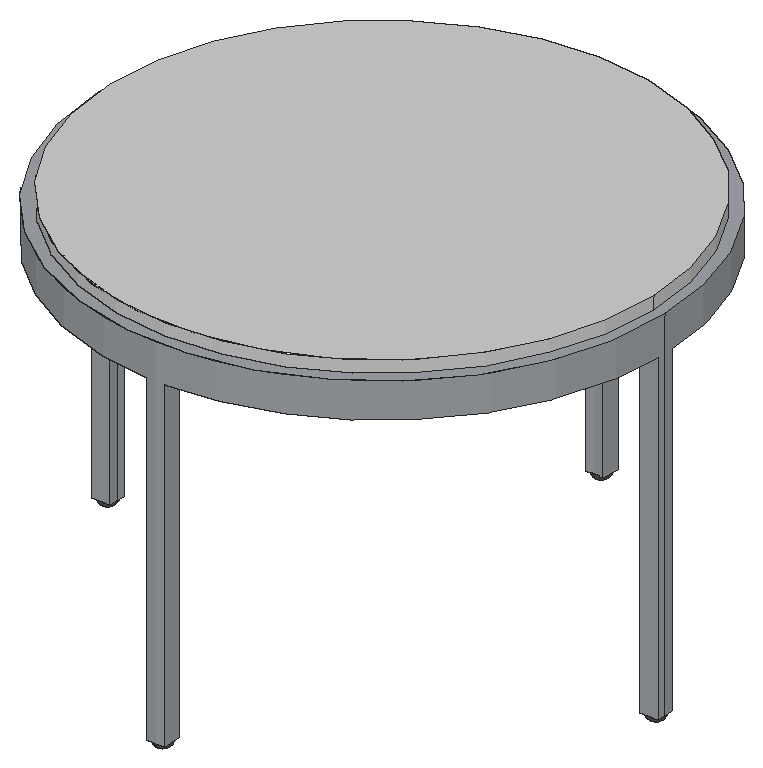
Revit family
Parameters
  URL = "http://www.martinbrattrud.com"
  Table Top [instance] = none
  SCS Certified Product = "Yes"
  Model = "Braemar 784-24CL"
  Manufacturer = "Martin Brattrud, Inc."
  Leg [instance] = none
  Keynote = "125000"
  Foot [instance] = none
  Copyright = "© 2013 Martin Brattrud, Inc."
  Authoring Version = "Revit Architecture 2010"
  Assembly Code = "E2020200"
Reference planes (in)
  plane 1 "Center Front/Back": y = 0
  plane 2: z = 0
  plane 3 "Center Left/Right": x = 0
Forms (in)
  Extrusion 1, solid, material <- "Table Top"
    sketch origin (0, 0, 0) x (1, 0, 0) y (0, 1, 0)
      loop
        circle (0, 0) r 11.5
    from 15.5 to 16
  Extrusion 2, solid, material <- "Leg"
    sketch origin (0, 0, 0) x (1, 0, 0) y (0, 1, 0)
      loop
        circle (0, 0) r 12
      loop
        circle (0, 0) r 11.25
    from 0.25 to 15.5
  Extrusion 3, void
    sketch origin (0, 0, 0) x (1, 0, 0) y (0, 1, 0)
      loop
        line (-0.375, -12.31433) -> (-0.375, -0.375) -> (-12.74127, -0.375)
        arc (-12.74127, -0.375) -> (-9.95328, -9.86121) -> (-0.375, -12.31433) r 10
      loop
        arc (-0.375, 12.31433) -> (-9.95328, 9.86121) -> (-12.74127, 0.375) r 10
        line (-12.74127, 0.375) -> (-0.375, 0.375) -> (-0.375, 12.31433)
      loop
        arc (0.375, -12.31433) -> (9.95328, -9.86121) -> (12.74127, -0.375) r 10
        line (12.74127, -0.375) -> (0.375, -0.375) -> (0.375, -12.31433)
      loop
        line (0.375, 12.31433) -> (0.375, 0.375) -> (12.74127, 0.375)
        arc (12.74127, 0.375) -> (9.95328, 9.86121) -> (0.375, 12.31433) r 10
    from 0 to 14
  Revolve 4, solid, material <- "Foot"
    sketch origin (-11.99282, 0, 48) x (-1, 0, 0) y (0, 0, 1)
      loop
        line (-0.50027, -48) -> (-0.375, -48) -> (-0.375, -47.75) -> (-0.75, -47.75)
        arc (-0.75, -47.75) -> (-0.67687, -47.92668) -> (-0.50027, -48) r 0.25
      axis (-0.375, -48) -> (-0.375, -47.75)
    angle from 0 to 360
  Revolve 5, solid, material <- "Foot"
    sketch origin (11.99282, 0, 48) x (1, 0, 0) y (0, 0, -1)
      loop
        arc (-0.50027, 48) -> (-0.67687, 47.92668) -> (-0.75, 47.75) r 0.25
        line (-0.75, 47.75) -> (-0.375, 47.75) -> (-0.375, 48) -> (-0.50027, 48)
      axis (-0.375, 48) -> (-0.375, 47.75)
    angle from 0 to 360
  Revolve 6, solid, material <- "Foot"
    sketch origin (0, -11.99282, 48) x (0, -1, 0) y (0, 0, 1)
      loop
        line (-0.50027, -48) -> (-0.375, -48) -> (-0.375, -47.75) -> (-0.75, -47.75)
        arc (-0.75, -47.75) -> (-0.67687, -47.92668) -> (-0.50027, -48) r 0.25
      axis (-0.375, -48) -> (-0.375, -47.75)
    angle from 0 to 360
  Revolve 7, solid, material <- "Foot"
    sketch origin (0, 11.99282, 48) x (0, 1, 0) y (0, 0, -1)
      loop
        arc (-0.50027, 48) -> (-0.67687, 47.92668) -> (-0.75, 47.75) r 0.25
        line (-0.75, 47.75) -> (-0.375, 47.75) -> (-0.375, 48) -> (-0.50027, 48)
      axis (-0.375, 48) -> (-0.375, 47.75)
    angle from 0 to 360
Cuts and joins
  Extrusion 3 cuts Extrusion 2
